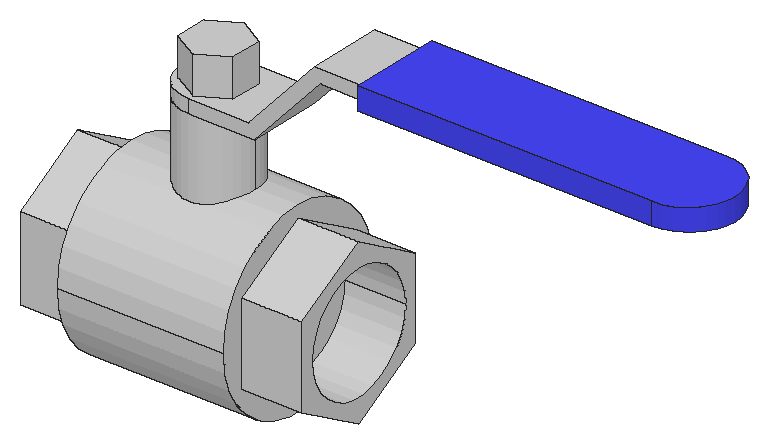
Revit family "РИДАН_Кран шаровой BVS-FR из нержавеющей стали", category Арматура трубопроводов, Revit 2019
Family settings
  Размер круглого соединителя = Использовать диаметр
  Тип детали = Вставляется
  На основе рабочей плоскости = Нет
  Всегда вертикально = Да
  При загрузке вырезать с полостями = Нет
  Общий = Нет
Parameters (values of type "DN 20")
  Отступ коннектора [instance] = 5 mm
  Контакты_Производитель = "info@ridan.ru"  # constant formula
  Изготовитель = "ООО «Ридан-Трейд»"  # constant formula
  m [instance] = (a + b + c + d) - (l * 2)  # 53.5 mm
  l [instance] = if(Отступ коннектора > a, a, Отступ коннектора)  # 5 mm
  k = size_lookup(LT, "k", 20 mm, ADSK_Диаметр условный)  # 26.4 mm
  j = size_lookup(LT, "j", 20 mm, ADSK_Диаметр условный)  # 120.03 mm
  i = size_lookup(LT, "i", 20 mm, ADSK_Диаметр условный)  # 32 mm
  h = size_lookup(LT, "h", 20 mm, ADSK_Диаметр условный)  # 32.74 mm
  g = size_lookup(LT, "g", 20 mm, ADSK_Диаметр условный)  # 17 mm
  f = size_lookup(LT, "f", 20 mm, ADSK_Диаметр условный)  # 42 mm
  e = size_lookup(LT, "e", 20 mm, ADSK_Диаметр условный)  # 37 mm
  d = size_lookup(LT, "d", 20 mm, ADSK_Диаметр условный)  # 13.8 mm
  c = size_lookup(LT, "c", 20 mm, ADSK_Диаметр условный)  # 17.95 mm
  b = size_lookup(LT, "b", 20 mm, ADSK_Диаметр условный)  # 19.63 mm
  a = size_lookup(LT, "a", 20 mm, ADSK_Диаметр условный)  # 12.12 mm
  URL = "https://ridan.ru/"
  LT = "BVS-FR"  # constant formula
  ADSK_Расход жидкости = 0.000 m³/h
  ADSK_Пропускная способность = size_lookup(LT, "Kvs", 0.000 m³/h, ADSK_Диаметр условный)  # 46.000 m³/h
  ADSK_Потеря давления жидкости = 100000.0 Pa * (ADSK_Расход жидкости / ADSK_Пропускная способность) ^ 2  # 0.0 Pa
  ADSK_Наименование = size_lookup(LT, "Name", "", ADSK_Диаметр условный)  # "Кран шаровой BVS-FR полнопроходной из нержавеющей стали PN63, Tmax=180C, ВР, DN20"
  ADSK_Масса_Текст = ""
  ADSK_Масса = size_lookup(LT, "M", 0, ADSK_Диаметр условный)  # 0.45
  ADSK_Марка = size_lookup(LT, "Mark", "", ADSK_Диаметр условный)  # "BVS-FR DN20"
  ADSK_Количество = 1  # constant formula
  ADSK_Код изделия = size_lookup(LT, "", "", ADSK_Диаметр условный)  # "082X4613R"
  ADSK_Завод-изготовитель = "ООО «Ридан-Трейд»"  # constant formula
  ADSK_Единица измерения = "шт."
  ADSK_Диаметр условный = 20 mm
  ADSK_Версия семейства = "1.0"  # constant formula
  ADSK_Версия Revit = "2019"  # constant formula
Types (12, lengths in mm): name | m | k | j | i | h | g | f | e | d | c | b | a | ADSK_Пропускная способность | ADSK_Наименование | ADSK_Масса | ADSK_Марка | ADSK_Код изделия | ADSK_Диаметр условный
  (no name) | 53.5 | 26.4 | 120.03 | 32 | 32.74 | 17 | 42 | 37 | 13.8 | 17.95 | 19.63 | 12.12 | 46.000 m³/h | "Кран шаровой BVS-FR полнопроходной из нержавеющей стали PN63, Tmax=180C, ВР, DN20" | 0.45 | "BVS-FR DN20" | "082X4613R" | 20
  DN 8 | 39.3 | 15 | 120 | 22 | 23 | 16.5 | 30.5 | 29 | 11.35 | 13.3 | 14.93 | 9.72 | 6.000 m³/h | "Кран шаровой BVS-FR полнопроходной из нержавеющей стали PN63, Tmax=180C, ВР, DN8" | 0.23 | "BVS-FR DN8" | "082X4610R" | 8
  DN 10 | 39.3 | 16.7 | 120 | 21.96 | 23 | 16.5 | 30.5 | 29 | 11.35 | 13.3 | 14.93 | 9.72 | 16.000 m³/h | "Кран шаровой BVS-FR полнопроходной из нержавеющей стали PN63, Tmax=180C, ВР, DN10" | 0.23 | "BVS-FR DN10" | "082X4611R" | 10
  DN 15 | 45.5 | 21.3 | 120.8 | 26 | 26 | 16.5 | 35 | 29.4 | 12 | 15.75 | 17.48 | 10.27 | 35.000 m³/h | "Кран шаровой BVS-FR полнопроходной из нержавеющей стали PN63, Tmax=180C, ВР, DN15" | 0.24 | "BVS-FR DN15" | "082X4612R" | 15
  DN 20 | 53.5 | 26.4 | 120.03 | 32 | 32.74 | 17 | 42 | 37 | 13.8 | 17.95 | 19.63 | 12.12 | 46.000 m³/h | "Кран шаровой BVS-FR полнопроходной из нержавеющей стали PN63, Tmax=180C, ВР, DN20" | 0.45 | "BVS-FR DN20" | "082X4613R" | 20
  DN 25 | 73.1 | 33.5 | 120.75 | 39 | 39 | 21 | 50 | 41.86 | 20 | 21.55 | 25.15 | 16.4 | 72.000 m³/h | "Кран шаровой BVS-FR полнопроходной из нержавеющей стали PN63, Tmax=180C, ВР, DN25" | 0.65 | "BVS-FR DN25" | "082X4614R" | 25
  DN 32 | 80 | 42 | 119.4 | 48.5 | 50.5 | 22 | 63 | 50.3 | 21.1 | 23.9 | 26.66 | 18.34 | 105.000 m³/h | "Кран шаровой BVS-FR полнопроходной из нержавеющей стали PN63, Tmax=180C, ВР, DN32" | 1.05 | "BVS-FR DN32" | "082X4615R" | 32
  DN 40 | 95.75 | 47.8 | 118.53 | 55 | 57 | 25 | 75.5 | 59.8 | 23.04 | 29.83 | 30.77 | 22.11 | 170.000 m³/h | "Кран шаровой BVS-FR полнопроходной из нержавеющей стали PN63, Tmax=180C, ВР, DN40" | 1.7 | "BVS-FR DN40" | "082X4616R" | 40
  DN 50 | 114.8 | 59.6 | 119.6 | 68 | 70 | 23 | 91 | 68.2 | 23.91 | 38.49 | 37.19 | 25.21 | 275.000 m³/h | "Кран шаровой BVS-FR полнопроходной из нержавеющей стали PN63, Tmax=180C, ВР, DN50" | 2.61 | "BVS-FR DN50" | "082X4617R" | 50
  DN 65 | 143 | 76 | 119.9 | 85 | 85 | 32 | 112.5 | 89.58 | 34.5 | 42 | 45.49 | 31.01 | 507.000 m³/h | "Кран шаровой BVS-FR полнопроходной из нержавеющей стали PN63, Tmax=180C, ВР, DN65" | 5.01 | "BVS-FR DN65" | "082X4618R" | 65
  DN 80 | 162 | 89 | 119.75 | 100 | 100 | 32 | 132.5 | 98.5 | 37.5 | 48.5 | 51.29 | 34.71 | 905.000 m³/h | "Кран шаровой BVS-FR полнопроходной из нержавеющей стали PN63, Tmax=180C, ВР, DN80" | 7.61 | "BVS-FR DN80" | "082X4619R" | 80
  DN 100 | 211 | 108 | 119.3 | 128 | 128 | 43 | 159 | 122 | 57 | 53.5 | 71.99 | 38.51 | 1000.000 m³/h | "Кран шаровой BVS-FR полнопроходной из нержавеющей стали PN63, Tmax=180C, ВР, DN100" | 14.75 | "BVS-FR DN100" | "082X4620R" | 100
Reference planes
  plane 1 "По центру (Вперед/Назад)": y = 0
  plane 2: z = 0
  plane 3 "По центру (Влево/Вправо)": x = 0
  plane 4: x = -31.75
  plane 5: x = -19.63
  plane 6: x = 17.95
  plane 7: x = 31.75
  plane 8: x = -120
  plane 9: z = 13.8
  plane 10: x = 0.03
  plane 11: z = 37
  plane 12: x = -26.75
  plane 13: x = 26.75
Forms (mm)
  Extrusion 1, solid, material "Сталь нержавеющая", detail levels fine
    sketch origin (0, 0, 0) x (0, 1, 0) y (0, 0, 1)
      loop
        circle (0, 0) r 21
    from -19.63 to 17.95
  Extrusion 2, solid, material "Сталь нержавеющая", detail levels fine
    sketch origin (0, 0, 0) x (0, 1, 0) y (0, 0, 1)
      loop
        line (0, 18.902) -> (-16.37, 9.451) -> (-16.37, -9.451) -> (0, -18.902) -> (16.37, -9.451) -> (16.37, 9.451) -> (0, 18.902)
    from -31.75 to -19.63
  Extrusion 3, solid, material "Сталь нержавеющая", detail levels fine
    sketch origin (0, 0, 0) x (0, 1, 0) y (0, 0, 1)
      loop
        line (0, 18.475) -> (-16, 9.238) -> (-16, -9.238) -> (0, -18.475) -> (16, -9.238) -> (16, 9.238) -> (0, 18.475)
    from 17.95 to 31.75
  Extrusion 4, solid, material "Сталь нержавеющая", detail levels fine
    sketch origin (0, 0, 0) x (1, 0, 0) y (0, 1, 0)
      loop
        circle (0, 0) r 8.5
    from 0 to 37
  Extrusion 5, void
    sketch origin (0, 0, 0) x (0, 1, 0) y (0, 0, 1)
      loop
        circle (0, 0) r 13.2
    from -31.75 to -19.63
  Extrusion 6, void
    sketch origin (0, 0, 0) x (0, 1, 0) y (0, 0, 1)
      loop
        circle (0, 0) r 13.2
    from 17.95 to 31.75
Cuts and joins
  Extrusion 5, Extrusion 6 cuts Extrusion 1
  Extrusion 5, Extrusion 6 cuts Extrusion 4
  joined: Extrusion 1, Extrusion 4
  Extrusion 5, Extrusion 6 cuts Extrusion 3
  Extrusion 5 cuts Extrusion 2
Dimensions and locks
  "a": plane 5 to plane 4
  "b": plane 3 "По центру (Влево/Вправо)" to plane 5
  "c": plane 6 to plane 3 "По центру (Влево/Вправо)"
  "d": plane 7 to plane 6
  "d": plane 9 to plane 2
  locked: plane 3 "По центру (Влево/Вправо)" to plane 8 at 120
  equal spacing: Extrusion 2 sketch curve, plane 2, Extrusion 2 sketch curve  (x2)
  equal spacing: Extrusion 2 sketch curve, plane 1 "По центру (Вперед/Назад)", Extrusion 2 sketch curve
  "h": Extrusion 2 sketch curve to Extrusion 2 sketch curve  (x3)
  equal spacing: Extrusion 3 sketch curve, plane 2, Extrusion 3 sketch curve  (x2)
  equal spacing: Extrusion 3 sketch curve, plane 1 "По центру (Вперед/Назад)", Extrusion 3 sketch curve
  "i": Extrusion 3 sketch curve to Extrusion 3 sketch curve  (x3)
  "e": plane 11 to plane 2
  "j": plane 10 to plane 8
  "l": plane 12 to plane 4
  "l": plane 7 to plane 13
  "f": diameter of Extrusion 1 sketch curve
  "g": diameter of Extrusion 4 sketch curve
  "k": diameter of Extrusion 5 sketch curve
  "k": diameter of Extrusion 6 sketch curve
  angle Extrusion 2 sketch curve to Extrusion 2 sketch curve = 120.00°  (x6)
  angle Extrusion 3 sketch curve to Extrusion 3 sketch curve = 120.00°  (x6)
  aligned and locked: level to plane 2
  aligned and locked: Extrusion 1 to plane 5
  aligned and locked: plane 6 to Extrusion 1
  aligned and locked: plane 5 to Extrusion 2
  aligned and locked: Extrusion 2 to plane 4
  aligned and locked: Extrusion 3 to plane 6
  aligned and locked: plane 7 to Extrusion 3
  aligned and locked: plane 11 to Extrusion 4
  aligned and locked: plane 3 "По центру (Влево/Вправо)" to nested 1
  aligned and locked: nested 1 to plane 11
  aligned and locked: plane 5 to Extrusion 5
  aligned and locked: Extrusion 5 to plane 4
  aligned and locked: cut or joined group of Extrusion 1, Extrusion 4, Extrusion 5, Extrusion 6 to plane 6
  aligned and locked: plane 7 to cut or joined group of Extrusion 3, Extrusion 5, Extrusion 6
  aligned and locked: nested 2 to plane 12
  aligned and locked: plane 12 to nested 3
Automatic sketch dimensions
  Extrusion 1 sketch curve to level = 0 mm
  Extrusion 1 sketch curve to plane 1 "По центру (Вперед/Назад)" = 0 mm
  plane 1 "По центру (Вперед/Назад)" to Extrusion 4 sketch curve = 0 mm
  Extrusion 4 sketch curve to plane 3 "По центру (Влево/Вправо)" = 0 mm
  Extrusion 5 sketch curve to level = 0 mm
  Extrusion 5 sketch curve to plane 1 "По центру (Вперед/Назад)" = 0 mm
  Extrusion 6 sketch curve to level = 0 mm
  Extrusion 6 sketch curve to plane 1 "По центру (Вперед/Назад)" = 0 mm
Nested families
  nested 1: "Рукоятка BVS-FR" at (0, 0, 37), ADSK_Диаметр условный <- "ADSK_Диаметр условный", type "Рукоятка BVS-FR", detail levels fine
    with l 40 mm, k 21 mm, j 12.45 mm, i 17 mm, h 5 mm, g 18 mm, f 1.5 mm, e 106.5 mm, d 29.34 mm, c 14.34 mm, b 3 mm, a 11.5 mm, ADSK_Диаметр условный 20 mm
  nested 2: "УГО_клапана" at (0, 0, 0), УГО_Длина <- "m", type "УГО_клапана", detail levels coarse+medium
    with УГО_Длина 53.5 mm, УГО_Высота 40.825 mm
  nested 3: "УГО_ЭУ_клапана" at (0, 0, 0), УГО_Длина <- "m", type "УГО_ЭУ_клапана", detail levels coarse+medium
    with УГО_Длина 53.5 mm, УГО_Высота 40.825 mm
Connectors
  piping at (-26.75, 0, 0), diameter 20, driven by "ADSK_Диаметр условный", driven by "ADSK_Расход жидкости"
    settings: on plane 12, index 1, connector inside diameter 609.6 mm, connector length 0 mm, flow factor 0, pipe flow 0.000 m³/h, pressure drop 0.0 Pa, fitting loss kfactor 0, connector angle 0.00°, fixture units 0, engagement length 0 mm, angle of deflection 0.00°, flow configuration 0, flow direction 1, fitting loss method 0, system type 29, joint type 0, gender type 0, connector reference index 2, connector utility 0, adjustable connector no, is connector primary yes, connector description ""
  piping at (26.75, 0, 0), diameter 20, driven by "ADSK_Диаметр условный", driven by "ADSK_Расход жидкости", driven by "ADSK_Потеря давления жидкости"
    settings: on plane 13, index 2, connector inside diameter 609.6 mm, connector length 0 mm, flow factor 0, pipe flow 0.000 m³/h, pressure drop 0.0 Pa, fitting loss kfactor 0, connector angle 0.00°, fixture units 0, engagement length 0 mm, angle of deflection 0.00°, flow configuration 0, flow direction 2, fitting loss method 4, system type 29, joint type 0, gender type 0, connector reference index 1, connector utility 0, adjustable connector no, is connector primary no, connector description ""
Definition of nested family "Рукоятка BVS-FR"
  Parameters (values of type "Рукоятка BVS-FR")
    l [instance] = size_lookup(LT, "l", 20 mm, ADSK_Диаметр условный)  # 70.21 mm
    k [instance] = size_lookup(LT, "k", 20 mm, ADSK_Диаметр условный)  # 37.8 mm
    j [instance] = size_lookup(LT, "j", 20 mm, ADSK_Диаметр условный)  # 24.68 mm
    i [instance] = size_lookup(LT, "i", 20 mm, ADSK_Диаметр условный)  # 33.8 mm
    h [instance] = size_lookup(LT, "h", 20 mm, ADSK_Диаметр условный)  # 10 mm
    g [instance] = size_lookup(LT, "g", 20 mm, ADSK_Диаметр условный)  # 37.5 mm
    f [instance] = size_lookup(LT, "f", 20 mm, ADSK_Диаметр условный)  # 2.5 mm
    e [instance] = size_lookup(LT, "e", 20 mm, ADSK_Диаметр условный)  # 208.55 mm
    d [instance] = size_lookup(LT, "d", 20 mm, ADSK_Диаметр условный)  # 55.96 mm
    c [instance] = size_lookup(LT, "c", 20 mm, ADSK_Диаметр условный)  # 20.96 mm
    b [instance] = size_lookup(LT, "b", 20 mm, ADSK_Диаметр условный)  # 5 mm
    a [instance] = size_lookup(LT, "a", 20 mm, ADSK_Диаметр условный)  # 22.77 mm
    LT = "BVS-FR_Рукоятка"  # constant formula
    ADSK_Диаметр условный [instance] = 80 mm
  Reference planes
    plane 1 "По центру (Вперед/Назад)": y = 0
    plane 2: z = 0
    plane 3 "По центру (Влево/Вправо)": x = 0
    plane 4: x = 20.96
    plane 5: x = 55.96
    plane 6: x = 208.55
    plane 7: x = 70.21
    plane 8: z = 22.77
    plane 9: z = 5
    plane 10: z = 2.5
    plane 11: z = 37.5
    plane 12: y = 16.9
    plane 13: y = -16.9
    plane 14: z = 42.5
    plane 15: z = 32.5
    plane 16: y = 18.9
    plane 17: y = -18.9
  Forms (mm)
    Sweep 1, solid
      path origin (0, 0, 0) x (1, 0, 0) y (0, 0, 1)
        loop
          line (0, 2.5) -> (20.96, 2.5) -> (55.96, 37.5) -> (70.21, 37.5)
      profile origin (10.48, 0, 2.5) x (0, 0, 1) y (0, -1, 0)
        loop
          line (2.5, -16.9) -> (2.5, 16.9) -> (-2.5, 16.9) -> (-2.5, -16.9) -> (2.5, -16.9)
    Extrusion 2, solid
      sketch origin (0, 0, 0) x (1, 0, 0) y (0, 1, 0)
        loop
          line (0, -16.9) -> (0, 16.9)
          arc (0, 16.9) -> (-16.9, 0) -> (0, -16.9) r 16.9
      from 0 to 5
    Sweep 3, solid
      path origin (0, 0, 0) x (1, 0, 0) y (0, 0, 1)
        loop
          line (70.21, 37.5) -> (208.55, 37.5)
      profile origin (139.38, 0, 37.5) x (0, 0, 1) y (0, -1, 0)
        loop
          line (5, -18.9) -> (5, 18.9) -> (-5, 18.9) -> (-5, -18.9) -> (5, -18.9)
    Extrusion 4, solid
      sketch origin (0, 0, 0) x (1, 0, 0) y (0, 1, 0)
        loop
          arc (208.55, -18.9) -> (227.45, 0) -> (208.55, 18.9) r 18.9
          line (208.55, 18.9) -> (208.55, -18.9)
      from 32.5 to 42.5
    Extrusion 5, solid
      sketch origin (0, 0, 0) x (1, 0, 0) y (0, 1, 0)
        loop
          line (0, 14.249) -> (-12.34, 7.125) -> (-12.34, -7.125) -> (0, -14.249) -> (12.34, -7.125) -> (12.34, 7.125) -> (0, 14.249)
      from 0 to 22.77
  Cuts and joins
    joined: Sweep 1, Extrusion 2, Extrusion 5
    joined: Sweep 3, Extrusion 4
  Dimensions and locks
    "a": plane 8 to plane 2
    "b": plane 9 to plane 2
    "f": plane 10 to plane 2
    "c": plane 4 to plane 3 "По центру (Влево/Вправо)"
    "d": plane 5 to plane 3 "По центру (Влево/Вправо)"
    "e": plane 6 to plane 3 "По центру (Влево/Вправо)"
    equal spacing: plane 12, plane 1 "По центру (Вперед/Назад)", plane 13
    "i": plane 12 to plane 13
    equal spacing: plane 14, plane 11, plane 15
    "h": plane 14 to plane 15
    equal spacing: plane 16, plane 1 "По центру (Вперед/Назад)", plane 17
    "k": plane 16 to plane 17
    "g": plane 11 to plane 2
    equal spacing: Extrusion 5 sketch curve, plane 3 "По центру (Влево/Вправо)", Extrusion 5 sketch curve  (x3)
    "j": Extrusion 5 sketch curve to Extrusion 5 sketch curve  (x3)
    "l": plane 7 to plane 3 "По центру (Влево/Вправо)"
    angle Extrusion 5 sketch curve to Extrusion 5 sketch curve = 120.00°  (x6)
    aligned and locked: level to plane 2
    aligned and locked: plane 3 "По центру (Влево/Вправо)" to Sweep 1 sketch curve
    aligned and locked: Sweep 1 sketch curve to plane 10
    aligned and locked: plane 4 to Sweep 1 sketch curve
    aligned and locked: plane 5 to Sweep 1 sketch curve
    aligned and locked: plane 7 to Sweep 1 sketch curve
    aligned and locked: plane 9 to Sweep 1 sketch curve
    aligned and locked: Sweep 1 sketch curve to plane 12
    aligned and locked: Sweep 1 sketch curve to plane 2
    aligned and locked: Sweep 1 sketch curve to plane 13
    aligned and locked: Extrusion 2 sketch curve to Sweep 1  (x2)
    aligned and locked: plane 3 "По центру (Влево/Вправо)" to Extrusion 2 sketch curve
    aligned and locked: Sweep 1 to Extrusion 2 sketch curve
    aligned and locked: Extrusion 2 sketch curve to plane 3 "По центру (Влево/Вправо)"
    aligned and locked: plane 9 to Extrusion 2
    aligned and locked: plane 7 to Sweep 3 sketch curve
    aligned and locked: plane 6 to Sweep 3 sketch curve
    aligned and locked: plane 14 to Sweep 3 sketch curve
    aligned and locked: plane 16 to Sweep 3 sketch curve
    aligned and locked: Sweep 3 sketch curve to plane 15
    aligned and locked: Sweep 3 sketch curve to plane 17
    aligned and locked: Extrusion 4 sketch curve to Sweep 3
    aligned and locked: Sweep 3 to Extrusion 4 sketch curve
    aligned and locked: plane 6 to Extrusion 4 sketch curve  (x2)
    aligned and locked: Extrusion 4 to plane 15
    aligned and locked: plane 14 to Extrusion 4
    aligned and locked: plane 8 to Extrusion 5
    aligned and locked: Sweep 1 sketch curve to plane 11
  Automatic sketch dimensions
    Sweep 3 sketch curve to plane 11 = 0 mm
Definition of nested family "УГО_клапана"
  Parameters (values of type "УГО_клапана")
    УГО_Длина [instance] = 48 mm
    УГО_Высота [instance] = УГО_Длина * 0.76308  # 36.628 mm
  Reference planes
    plane 1 "По центру (Вперед/Назад)": y = 0
    plane 2: z = 0
    plane 3 "По центру (Влево/Вправо)": x = 0
    plane 4: x = -24
    plane 5: x = 24
    plane 6: z = 18.314
    plane 7: z = -18.314
  Forms (mm)
    Extrusion 1, solid, detail levels coarse+medium
      sketch origin (0, 0, 0) x (1, 0, 0) y (0, 0, 1)
        loop
          line (-24, -18.314) -> (0, 0) -> (-24, 18.314) -> (-24, -18.314)
      from -0.5 to 0.5
    Extrusion 2, solid, detail levels coarse+medium
      sketch origin (0, 0, 0) x (1, 0, 0) y (0, 0, 1)
        loop
          line (24, -18.314) -> (24, 18.314) -> (0, 0) -> (24, -18.314)
      from -0.5 to 0.5
  Dimensions and locks
    equal spacing: plane 5, plane 3 "По центру (Влево/Вправо)", plane 4
    "УГО_Длина": plane 5 to plane 4
    equal spacing: plane 6, plane 2, plane 7
    "УГО_Высота": plane 6 to plane 7
    aligned and locked: level to plane 2
    aligned and locked: plane 4 to Extrusion 1 sketch curve
    aligned and locked: Extrusion 2 sketch curve to plane 5
  Automatic sketch dimensions
    Extrusion 1 sketch curve to level = 0 mm
    Extrusion 1 sketch curve to plane 3 "По центру (Влево/Вправо)" = 0 mm
    Extrusion 1 sketch curve to plane 7 = 0 mm
    Extrusion 1 sketch curve to plane 6 = 0 mm
    Extrusion 2 sketch curve to level = 0 mm
    Extrusion 2 sketch curve to plane 3 "По центру (Влево/Вправо)" = 0 mm
    Extrusion 2 sketch curve to plane 7 = 0 mm
    Extrusion 2 sketch curve to plane 6 = 0 mm
Definition of nested family "УГО_ЭУ_клапана"
  Parameters (values of type "УГО_ЭУ_клапана")
    УГО_Длина [instance] = 100 mm
    УГО_Высота [instance] = УГО_Длина * 0.76308  # 76.308 mm
  Reference planes
    plane 1 "По центру (Вперед/Назад)": y = 0
    plane 2: z = 0
    plane 3 "По центру (Влево/Вправо)": x = 0
    plane 4: x = -50
    plane 5: x = 50
    plane 6: y = 38.154
    plane 7: y = -38.154
  Lines and regions (mm)
    Filled region 1, type "Сплошная заливка - Белый", in view "Опорный уровень"
      outline origin (0, 0, 0) x (1, 0, 0) y (0, 1, 0)
        loop
          line (-50, -38.154) -> (0, 0) -> (-50, 38.154) -> (-50, -38.154)
    Filled region 2, type "Сплошная заливка - Белый", in view "Опорный уровень"
      outline origin (0, 0, 0) x (1, 0, 0) y (0, 1, 0)
        loop
          line (50, -38.154) -> (50, 38.154) -> (0, 0) -> (50, -38.154)
  Dimensions and locks
    equal spacing: plane 4, plane 3 "По центру (Влево/Вправо)", plane 5
    "УГО_Длина": plane 4 to plane 5
    equal spacing: plane 6, plane 1 "По центру (Вперед/Назад)", plane 7
    "УГО_Высота": plane 6 to plane 7
    aligned and locked: plane 4 to Filled region 1 sketch curve
    aligned and locked: Filled region 1 to plane 4
  Automatic sketch dimensions
    plane 1 "По центру (Вперед/Назад)" to Filled region 1 sketch curve = 0 mm
    Filled region 1 sketch curve to plane 3 "По центру (Влево/Вправо)" = 0 mm
    plane 7 to Filled region 1 sketch curve = 0 mm
    Filled region 1 sketch curve to plane 6 = 0 mm
    plane 1 "По центру (Вперед/Назад)" to Filled region 2 sketch curve = 0 mm
    Filled region 2 sketch curve to plane 3 "По центру (Влево/Вправо)" = 0 mm
    Filled region 2 sketch curve to plane 5 = 0 mm
    plane 7 to Filled region 2 sketch curve = 0 mm
    Filled region 2 sketch curve to plane 6 = 0 mm
